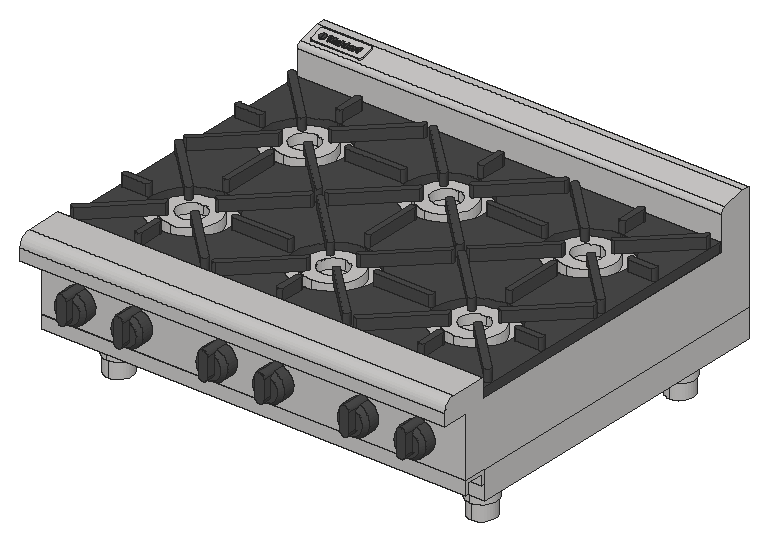
Revit family "QF_MOFFAT WALDORF_RNL8600G-B", category Specialty Equipment, Revit 2012
Parameters
  Weight in Pounds = 284.396
  URL Cutsheet = "www.moffat.com"
  URL = "www.moffat.com"
  Type Mark [instance] = ""
  Status [instance] = ""
  Specification by User [instance] = ""
  Specification by Manufacturer = ""
  Show Logo [instance] = yes
  Serial Number = ""
  Seismic Rating = ""
  SMACNA No = ""
  Revision Code [instance] = ""
  Omniclass Number and Title = ""
  NAFEM Spec ID Number = ""
  Model = "RNL8600G-B"
  Mechanical Remarks [instance] = ""
  Mechanical Connection Type [instance] = ""
  Masterspec = ""
  Manufacturer = "MOFFAT WALDORF"
  Item Number [instance] = ""
  Installed By [instance] = ""
  Identify Quantity as Lot [instance] = yes
  Gas Size = 3/4"
  Gas RI Height [instance] = 0.0 mm
  Gas KW [instance] = 46.6
  Gas Input [instance] = 159233.0 Btu/h
  Gas Connection Height = 0.0 mm
  Furnished By [instance] = ""
  Foodservice Equipment Identifier [instance] = yes
  Description = "COOK TOP LOW SPLASHBACK GAS BENCH MOUNT"
  CSI MasterFormat = ""
  CSI Master Format = ""
  Base Height [instance] = 80.0 mm
Reference planes
  plane 1 "BACK": y = 0
  plane 2: z = 0
  plane 3 "LEFT": x = 0
  plane 4 "RIGHT": x = 900
  plane 5 "FRONT": y = -805
  plane 6 "TOP": z = 370
  plane 7 "Center Y": x = 450
  plane 8 "Center X": y = -402.5
  plane 9 "Base Height": z = 80
  plane 10: x = 65.8
Forms (mm)
  Extrusion 1, solid, material "QF_Finishes_Stainless Steel"
    sketch origin (0, 0, 0) x (0, 1, 0) y (0, 0, 1)
      loop
        line (-805, 291) -> (-805, 266) -> (-749, 266) -> (-749, 140) -> (0, 140) -> (0, 370) -> (-15, 370) -> (-61.106, 357.646)
        arc (-61.106, 357.646) -> (-67.52, 353.36) -> (-70, 346.055) r 12
        line (-70, 346.055) -> (-70, 275) -> (-705, 275) -> (-705, 315) -> (-781, 315)
        arc (-781, 315) -> (-797.971, 307.971) -> (-805, 291) r 24
      loop
        line (0, 80) -> (0, 138.894) -> (-699, 138.894) -> (-699, 80) -> (0, 80)
      loop
        line (-749, 138.894) -> (-749, 111.706) -> (-742.6, 111.706) -> (-742.6, 132.494) -> (-706.4, 132.494) -> (-706.4, 111.706) -> (-700, 111.706) -> (-700, 138.894) -> (-749, 138.894)
    from 0 to 900
  Revolve 2, solid, material "QF_Finishes_Stainless Steel"
    sketch origin (835, -210, 0) x (0, 1, 0) y (0, 0, -1)
      loop
        line (78.25, -80) -> (110, -80) -> (110, 0) -> (82.5, 0) -> (82.5, -35) -> (78.25, -35) -> (78.25, -80)
      axis (110, -80) -> (110, 0)
    angle from 0 to 360
  Revolve 3, solid, material "QF_Finishes_Stainless Steel"
    sketch origin (65, -210, 0) x (0, 1, 0) y (0, 0, 1)
      loop
        line (78.25, 80) -> (78.25, 35) -> (82.5, 35) -> (82.5, 0) -> (110, 0) -> (110, 80) -> (78.25, 80)
      axis (110, 80) -> (110, 0)
    angle from 0 to 360
  Revolve 4, solid, material "QF_Finishes_Black"
    sketch origin (210, 0, 0) x (0, -1, 0) y (0, 0, 1)
      loop
        line (782, 229.605) -> (759, 229.605) -> (759, 202.105) -> (749, 202.105) -> (749, 197.105) -> (793, 197.105) -> (793, 223.757) -> (782, 229.605)
      axis (793, 197.105) -> (749, 197.105)
    angle from 0 to 360
  Extrusion 5, solid, material "QF_Finishes_Black"
    sketch origin (-78.431, 0, -103.997) x (1, 0, 0) y (0, 0, 1)
      loop
        line (298.431, 289) -> (298.431, 327.997)
        arc (298.431, 327.997) -> (288.431, 337.997) -> (278.431, 327.997) r 10
        line (278.431, 327.997) -> (278.431, 289)
        arc (278.431, 289) -> (288.431, 279) -> (298.431, 289) r 10
    from 759 to 808
  Extrusion 6, solid, material "QF_Finishes_Stainless Steel"
    sketch origin (705, 3, -500) x (1, 0, 0) y (0, 1, 0)
      loop
        circle (65, -35) r 13.5
    from 555 to 580
  Revolve 7, solid, material "QF_Finishes_Black"
    sketch origin (89.999, 0, -0.127) x (0, 1, 0) y (0, 0, -1)
      loop
        line (-782, -229.5) -> (-759, -229.5) -> (-759, -202) -> (-749, -202) -> (-749, -197) -> (-793, -197) -> (-793, -223.651) -> (-782, -229.5)
      axis (-793, -197) -> (-749, -197)
    angle from 0 to 360
  Extrusion 8, solid, material "QF_Finishes_Black"
    sketch origin (228.269, 0, 0.031) x (-1, 0, 0) y (0, 0, -1)
      loop
        arc (148.269, -184.969) -> (138.269, -174.969) -> (128.269, -184.969) r 10
        line (128.269, -184.969) -> (128.269, -223.969)
        arc (128.269, -223.969) -> (138.269, -233.969) -> (148.269, -223.969) r 10
        line (148.269, -223.969) -> (148.269, -184.969)
    from 759 to 808
  Extrusion 9, solid, material "QF_Finishes_Black"
    sketch origin (0, -77.318, 275) x (0, -1, 0) y (1, 0, 0)
      loop
        arc (-6.318, 4) -> (-5.439, 1.879) -> (-3.318, 1) r 3
        line (-3.318, 1) -> (623.682, 1)
        arc (623.682, 1) -> (625.804, 1.879) -> (626.682, 4) r 3
        line (626.682, 4) -> (626.682, 896)
        arc (626.682, 896) -> (625.804, 898.121) -> (623.682, 899) r 3
        line (623.682, 899) -> (-3.318, 899)
        arc (-3.318, 899) -> (-5.439, 898.121) -> (-6.318, 896) r 3
        line (-6.318, 896) -> (-6.318, 4)
      loop
        circle (160.182, 150) r 84.082
      loop
        circle (460.182, 150) r 84.082
      loop
        circle (460.182, 750) r 84.082
      loop
        circle (160.182, 750) r 84.082
      loop
        circle (160.182, 450) r 84.082
      loop
        circle (460.182, 450) r 84.082
    from 0 to 19.5
  Extrusion 10, solid, material "QF_Finishes_Black"
    sketch origin (0, -77.318, 294.5) x (0, -1, 0) y (1, 0, 0)
      loop
        spline (316.285, 15.153) -> (315.364, 13.924) -> (314.814, 12.47) -> (314.672, 10.89) -> (314.949, 9.292) -> (315.626, 7.786) -> (316.655, 6.473) -> (317.968, 5.443) -> (319.475, 4.767) -> (321.072, 4.49) -> (322.652, 4.631) -> (324.106, 5.181) -> (325.336, 6.102)
        line (325.336, 6.102) -> (433.259, 114.025)
        spline (433.259, 114.025) -> (434.019, 115.095) -> (434.42, 116.399) -> (434.433, 117.851) -> (434.058, 119.35) -> (433.319, 120.795) -> (432.269, 122.086) -> (430.977, 123.137) -> (429.532, 123.875) -> (428.033, 124.251) -> (426.582, 124.238) -> (425.277, 123.837) -> (424.208, 123.076)
        line (424.208, 123.076) -> (316.285, 15.153)
      loop
        spline (252.08, 156.4) -> (250.786, 156.182) -> (249.58, 155.543) -> (248.545, 154.525) -> (247.75, 153.2) -> (247.251, 151.656) -> (247.08, 150) -> (247.251, 148.344) -> (247.75, 146.8) -> (248.545, 145.475) -> (249.58, 144.457) -> (250.786, 143.818) -> (252.08, 143.6)
        line (252.08, 143.6) -> (368.284, 143.6)
        spline (368.284, 143.6) -> (369.579, 143.818) -> (370.784, 144.457) -> (371.82, 145.475) -> (372.615, 146.8) -> (373.114, 148.344) -> (373.284, 150) -> (373.114, 151.656) -> (372.615, 153.2) -> (371.82, 154.525) -> (370.784, 155.543) -> (369.579, 156.182) -> (368.284, 156.4)
        line (368.284, 156.4) -> (252.08, 156.4)
      loop
        spline (601.284, 143.6) -> (602.579, 143.818) -> (603.784, 144.457) -> (604.82, 145.475) -> (605.615, 146.8) -> (606.114, 148.344) -> (606.284, 150) -> (606.114, 151.656) -> (605.615, 153.2) -> (604.82, 154.525) -> (603.784, 155.543) -> (602.579, 156.182) -> (601.284, 156.4)
        line (601.284, 156.4) -> (552.08, 156.4)
        spline (552.08, 156.4) -> (550.786, 156.182) -> (549.58, 155.543) -> (548.545, 154.525) -> (547.75, 153.2) -> (547.251, 151.656) -> (547.08, 150) -> (547.251, 148.344) -> (547.75, 146.8) -> (548.545, 145.475) -> (549.58, 144.457) -> (550.786, 143.818) -> (552.08, 143.6)
        line (552.08, 143.6) -> (601.284, 143.6)
      loop
        line (604.08, 15.153) -> (496.157, 123.076)
        spline (496.157, 123.076) -> (495.088, 123.837) -> (493.783, 124.238) -> (492.332, 124.251) -> (490.832, 123.875) -> (489.388, 123.137) -> (488.096, 122.086) -> (487.045, 120.795) -> (486.307, 119.35) -> (485.932, 117.851) -> (485.945, 116.399) -> (486.345, 115.095) -> (487.106, 114.025)
        line (487.106, 114.025) -> (595.029, 6.102)
        spline (595.029, 6.102) -> (596.098, 5.341) -> (597.403, 4.941) -> (598.855, 4.928) -> (600.354, 5.303) -> (601.798, 6.041) -> (603.09, 7.092) -> (604.141, 8.384) -> (604.879, 9.829) -> (605.255, 11.328) -> (605.242, 12.779) -> (604.841, 14.084) -> (604.08, 15.153)
      loop
        line (466.582, 8.898) -> (466.582, 58.102)
        spline (466.582, 58.102) -> (466.364, 59.396) -> (465.725, 60.602) -> (464.708, 61.638) -> (463.382, 62.432) -> (461.839, 62.932) -> (460.182, 63.102) -> (458.526, 62.932) -> (456.982, 62.432) -> (455.657, 61.638) -> (454.64, 60.602) -> (454, 59.396) -> (453.782, 58.102)
        line (453.782, 58.102) -> (453.782, 8.898)
        spline (453.782, 8.898) -> (454, 7.604) -> (454.64, 6.398) -> (455.657, 5.362) -> (456.982, 4.568) -> (458.526, 4.068) -> (460.182, 3.898) -> (461.839, 4.068) -> (463.382, 4.568) -> (464.708, 5.362) -> (465.725, 6.398) -> (466.364, 7.604) -> (466.582, 8.898)
      loop
        spline (16.285, 15.153) -> (15.364, 13.924) -> (14.814, 12.47) -> (14.672, 10.89) -> (14.949, 9.292) -> (15.626, 7.786) -> (16.655, 6.473) -> (17.968, 5.443) -> (19.475, 4.767) -> (21.072, 4.49) -> (22.652, 4.631) -> (24.106, 5.181) -> (25.336, 6.102)
        line (25.336, 6.102) -> (133.259, 114.025)
        spline (133.259, 114.025) -> (134.019, 115.095) -> (134.42, 116.399) -> (134.433, 117.851) -> (134.058, 119.35) -> (133.319, 120.795) -> (132.269, 122.086) -> (130.977, 123.137) -> (129.532, 123.875) -> (128.033, 124.251) -> (126.582, 124.238) -> (125.277, 123.837) -> (124.208, 123.076)
        line (124.208, 123.076) -> (16.285, 15.153)
      loop
        spline (19.08, 156.4) -> (17.786, 156.182) -> (16.58, 155.543) -> (15.545, 154.525) -> (14.75, 153.2) -> (14.251, 151.656) -> (14.08, 150) -> (14.251, 148.344) -> (14.75, 146.8) -> (15.545, 145.475) -> (16.58, 144.457) -> (17.786, 143.818) -> (19.08, 143.6)
        line (19.08, 143.6) -> (68.284, 143.6)
        spline (68.284, 143.6) -> (69.579, 143.818) -> (70.784, 144.457) -> (71.82, 145.475) -> (72.615, 146.8) -> (73.114, 148.344) -> (73.284, 150) -> (73.114, 151.656) -> (72.615, 153.2) -> (71.82, 154.525) -> (70.784, 155.543) -> (69.579, 156.182) -> (68.284, 156.4)
        line (68.284, 156.4) -> (19.08, 156.4)
      loop
        line (304.08, 15.153) -> (196.157, 123.076)
        spline (196.157, 123.076) -> (195.088, 123.837) -> (193.783, 124.238) -> (192.332, 124.251) -> (190.832, 123.875) -> (189.388, 123.137) -> (188.096, 122.086) -> (187.045, 120.795) -> (186.307, 119.35) -> (185.932, 117.851) -> (185.945, 116.399) -> (186.345, 115.095) -> (187.106, 114.025)
        line (187.106, 114.025) -> (295.029, 6.102)
        spline (295.029, 6.102) -> (296.098, 5.341) -> (297.403, 4.941) -> (298.855, 4.928) -> (300.354, 5.303) -> (301.798, 6.041) -> (303.09, 7.092) -> (304.141, 8.384) -> (304.879, 9.829) -> (305.255, 11.328) -> (305.242, 12.779) -> (304.841, 14.084) -> (304.08, 15.153)
      loop
        line (166.582, 8.898) -> (166.582, 58.102)
        spline (166.582, 58.102) -> (166.364, 59.396) -> (165.725, 60.602) -> (164.708, 61.638) -> (163.382, 62.432) -> (161.839, 62.932) -> (160.182, 63.102) -> (158.526, 62.932) -> (156.982, 62.432) -> (155.657, 61.638) -> (154.64, 60.602) -> (154, 59.396) -> (153.782, 58.102)
        line (153.782, 58.102) -> (153.782, 8.898)
        spline (153.782, 8.898) -> (154, 7.604) -> (154.64, 6.398) -> (155.657, 5.362) -> (156.982, 4.568) -> (158.526, 4.068) -> (160.182, 3.898) -> (161.839, 4.068) -> (163.382, 4.568) -> (164.708, 5.362) -> (165.725, 6.398) -> (166.364, 7.604) -> (166.582, 8.898)
      loop
        line (316.285, 284.847) -> (424.208, 176.924)
        spline (424.208, 176.924) -> (425.277, 176.163) -> (426.582, 175.762) -> (428.033, 175.749) -> (429.532, 176.125) -> (430.977, 176.863) -> (432.269, 177.914) -> (433.319, 179.205) -> (434.058, 180.65) -> (434.433, 182.149) -> (434.42, 183.601) -> (434.019, 184.905) -> (433.259, 185.975)
        line (433.259, 185.975) -> (325.336, 293.898)
        spline (325.336, 293.898) -> (324.106, 294.819) -> (322.652, 295.369) -> (321.072, 295.51) -> (319.475, 295.233) -> (317.968, 294.557) -> (316.655, 293.527) -> (315.626, 292.214) -> (314.949, 290.708) -> (314.672, 289.11) -> (314.814, 287.53) -> (315.364, 286.076) -> (316.285, 284.847)
      loop
        spline (604.08, 284.847) -> (604.841, 285.916) -> (605.242, 287.221) -> (605.255, 288.672) -> (604.879, 290.171) -> (604.141, 291.616) -> (603.09, 292.908) -> (601.798, 293.959) -> (600.354, 294.697) -> (598.855, 295.072) -> (597.403, 295.059) -> (596.098, 294.659) -> (595.029, 293.898)
        line (595.029, 293.898) -> (487.106, 185.975)
        spline (487.106, 185.975) -> (486.345, 184.905) -> (485.945, 183.601) -> (485.932, 182.149) -> (486.307, 180.65) -> (487.045, 179.205) -> (488.096, 177.914) -> (489.388, 176.863) -> (490.832, 176.125) -> (492.332, 175.749) -> (493.783, 175.762) -> (495.088, 176.163) -> (496.157, 176.924)
        line (496.157, 176.924) -> (604.08, 284.847)
      loop
        spline (453.782, 241.898) -> (454, 240.604) -> (454.64, 239.398) -> (455.657, 238.362) -> (456.982, 237.568) -> (458.526, 237.068) -> (460.182, 236.898) -> (461.839, 237.068) -> (463.382, 237.568) -> (464.708, 238.362) -> (465.725, 239.398) -> (466.364, 240.604) -> (466.582, 241.898)
        line (466.582, 241.898) -> (466.582, 358.102)
        spline (466.582, 358.102) -> (466.364, 359.396) -> (465.725, 360.602) -> (464.708, 361.638) -> (463.382, 362.432) -> (461.839, 362.932) -> (460.182, 363.102) -> (458.526, 362.932) -> (456.982, 362.432) -> (455.657, 361.638) -> (454.64, 360.602) -> (454, 359.396) -> (453.782, 358.102)
        line (453.782, 358.102) -> (453.782, 241.898)
      loop
        line (16.285, 284.847) -> (124.208, 176.924)
        spline (124.208, 176.924) -> (125.277, 176.163) -> (126.582, 175.762) -> (128.033, 175.749) -> (129.532, 176.125) -> (130.977, 176.863) -> (132.269, 177.914) -> (133.319, 179.205) -> (134.058, 180.65) -> (134.433, 182.149) -> (134.42, 183.601) -> (134.019, 184.905) -> (133.259, 185.975)
        line (133.259, 185.975) -> (25.336, 293.898)
        spline (25.336, 293.898) -> (24.106, 294.819) -> (22.652, 295.369) -> (21.072, 295.51) -> (19.475, 295.233) -> (17.968, 294.557) -> (16.655, 293.527) -> (15.626, 292.214) -> (14.949, 290.708) -> (14.672, 289.11) -> (14.814, 287.53) -> (15.364, 286.076) -> (16.285, 284.847)
      loop
        spline (304.08, 284.847) -> (304.841, 285.916) -> (305.242, 287.221) -> (305.255, 288.672) -> (304.879, 290.171) -> (304.141, 291.616) -> (303.09, 292.908) -> (301.798, 293.959) -> (300.354, 294.697) -> (298.855, 295.072) -> (297.403, 295.059) -> (296.098, 294.659) -> (295.029, 293.898)
        line (295.029, 293.898) -> (187.106, 185.975)
        spline (187.106, 185.975) -> (186.345, 184.905) -> (185.945, 183.601) -> (185.932, 182.149) -> (186.307, 180.65) -> (187.045, 179.205) -> (188.096, 177.914) -> (189.388, 176.863) -> (190.832, 176.125) -> (192.332, 175.749) -> (193.783, 175.762) -> (195.088, 176.163) -> (196.157, 176.924)
        line (196.157, 176.924) -> (304.08, 284.847)
      loop
        spline (166.582, 358.102) -> (166.364, 359.396) -> (165.725, 360.602) -> (164.708, 361.638) -> (163.382, 362.432) -> (161.839, 362.932) -> (160.182, 363.102) -> (158.526, 362.932) -> (156.982, 362.432) -> (155.657, 361.638) -> (154.64, 360.602) -> (154, 359.396) -> (153.782, 358.102)
        line (153.782, 358.102) -> (153.782, 241.898)
        spline (153.782, 241.898) -> (154, 240.604) -> (154.64, 239.398) -> (155.657, 238.362) -> (156.982, 237.568) -> (158.526, 237.068) -> (160.182, 236.898) -> (161.839, 237.068) -> (163.382, 237.568) -> (164.708, 238.362) -> (165.725, 239.398) -> (166.364, 240.604) -> (166.582, 241.898)
        line (166.582, 241.898) -> (166.582, 358.102)
      loop
        spline (316.285, 315.153) -> (315.364, 313.924) -> (314.814, 312.47) -> (314.672, 310.89) -> (314.949, 309.292) -> (315.626, 307.786) -> (316.655, 306.473) -> (317.968, 305.443) -> (319.475, 304.767) -> (321.072, 304.49) -> (322.652, 304.631) -> (324.106, 305.181) -> (325.336, 306.102)
        line (325.336, 306.102) -> (433.259, 414.025)
        spline (433.259, 414.025) -> (434.019, 415.095) -> (434.42, 416.399) -> (434.433, 417.851) -> (434.058, 419.35) -> (433.319, 420.795) -> (432.269, 422.086) -> (430.977, 423.137) -> (429.532, 423.875) -> (428.033, 424.251) -> (426.582, 424.238) -> (425.277, 423.837) -> (424.208, 423.076)
        line (424.208, 423.076) -> (316.285, 315.153)
      loop
        spline (252.08, 456.4) -> (250.786, 456.182) -> (249.58, 455.543) -> (248.545, 454.525) -> (247.75, 453.2) -> (247.251, 451.656) -> (247.08, 450) -> (247.251, 448.344) -> (247.75, 446.8) -> (248.545, 445.475) -> (249.58, 444.457) -> (250.786, 443.818) -> (252.08, 443.6)
        line (252.08, 443.6) -> (368.284, 443.6)
        spline (368.284, 443.6) -> (369.579, 443.818) -> (370.784, 444.457) -> (371.82, 445.475) -> (372.615, 446.8) -> (373.114, 448.344) -> (373.284, 450) -> (373.114, 451.656) -> (372.615, 453.2) -> (371.82, 454.525) -> (370.784, 455.543) -> (369.579, 456.182) -> (368.284, 456.4)
        line (368.284, 456.4) -> (252.08, 456.4)
      loop
        spline (601.284, 443.6) -> (602.579, 443.818) -> (603.784, 444.457) -> (604.82, 445.475) -> (605.615, 446.8) -> (606.114, 448.344) -> (606.284, 450) -> (606.114, 451.656) -> (605.615, 453.2) -> (604.82, 454.525) -> (603.784, 455.543) -> (602.579, 456.182) -> (601.284, 456.4)
        line (601.284, 456.4) -> (552.08, 456.4)
        spline (552.08, 456.4) -> (550.786, 456.182) -> (549.58, 455.543) -> (548.545, 454.525) -> (547.75, 453.2) -> (547.251, 451.656) -> (547.08, 450) -> (547.251, 448.344) -> (547.75, 446.8) -> (548.545, 445.475) -> (549.58, 444.457) -> (550.786, 443.818) -> (552.08, 443.6)
        line (552.08, 443.6) -> (601.284, 443.6)
      loop
        line (604.08, 315.153) -> (496.157, 423.076)
        spline (496.157, 423.076) -> (495.088, 423.837) -> (493.783, 424.238) -> (492.332, 424.251) -> (490.832, 423.875) -> (489.388, 423.137) -> (488.096, 422.086) -> (487.045, 420.795) -> (486.307, 419.35) -> (485.932, 417.851) -> (485.945, 416.399) -> (486.345, 415.095) -> (487.106, 414.025)
        line (487.106, 414.025) -> (595.029, 306.102)
        spline (595.029, 306.102) -> (596.098, 305.341) -> (597.403, 304.941) -> (598.855, 304.928) -> (600.354, 305.303) -> (601.798, 306.041) -> (603.09, 307.092) -> (604.141, 308.384) -> (604.879, 309.829) -> (605.255, 311.328) -> (605.242, 312.779) -> (604.841, 314.084) -> (604.08, 315.153)
      loop
        spline (16.285, 315.153) -> (15.364, 313.924) -> (14.814, 312.47) -> (14.672, 310.89) -> (14.949, 309.292) -> (15.626, 307.786) -> (16.655, 306.473) -> (17.968, 305.443) -> (19.475, 304.767) -> (21.072, 304.49) -> (22.652, 304.631) -> (24.106, 305.181) -> (25.336, 306.102)
        line (25.336, 306.102) -> (133.259, 414.025)
        spline (133.259, 414.025) -> (134.019, 415.095) -> (134.42, 416.399) -> (134.433, 417.851) -> (134.058, 419.35) -> (133.319, 420.795) -> (132.269, 422.086) -> (130.977, 423.137) -> (129.532, 423.875) -> (128.033, 424.251) -> (126.582, 424.238) -> (125.277, 423.837) -> (124.208, 423.076)
        line (124.208, 423.076) -> (16.285, 315.153)
      loop
        spline (19.08, 456.4) -> (17.786, 456.182) -> (16.58, 455.543) -> (15.545, 454.525) -> (14.75, 453.2) -> (14.251, 451.656) -> (14.08, 450) -> (14.251, 448.344) -> (14.75, 446.8) -> (15.545, 445.475) -> (16.58, 444.457) -> (17.786, 443.818) -> (19.08, 443.6)
        line (19.08, 443.6) -> (68.284, 443.6)
        spline (68.284, 443.6) -> (69.579, 443.818) -> (70.784, 444.457) -> (71.82, 445.475) -> (72.615, 446.8) -> (73.114, 448.344) -> (73.284, 450) -> (73.114, 451.656) -> (72.615, 453.2) -> (71.82, 454.525) -> (70.784, 455.543) -> (69.579, 456.182) -> (68.284, 456.4)
        line (68.284, 456.4) -> (19.08, 456.4)
      loop
        line (304.08, 315.153) -> (196.157, 423.076)
        spline (196.157, 423.076) -> (195.088, 423.837) -> (193.783, 424.238) -> (192.332, 424.251) -> (190.832, 423.875) -> (189.388, 423.137) -> (188.096, 422.086) -> (187.045, 420.795) -> (186.307, 419.35) -> (185.932, 417.851) -> (185.945, 416.399) -> (186.345, 415.095) -> (187.106, 414.025)
        line (187.106, 414.025) -> (295.029, 306.102)
        spline (295.029, 306.102) -> (296.098, 305.341) -> (297.403, 304.941) -> (298.855, 304.928) -> (300.354, 305.303) -> (301.798, 306.041) -> (303.09, 307.092) -> (304.141, 308.384) -> (304.879, 309.829) -> (305.255, 311.328) -> (305.242, 312.779) -> (304.841, 314.084) -> (304.08, 315.153)
      loop
        line (316.285, 584.847) -> (424.208, 476.924)
        spline (424.208, 476.924) -> (425.277, 476.163) -> (426.582, 475.762) -> (428.033, 475.749) -> (429.532, 476.125) -> (430.977, 476.863) -> (432.269, 477.914) -> (433.319, 479.205) -> (434.058, 480.65) -> (434.433, 482.149) -> (434.42, 483.601) -> (434.019, 484.905) -> (433.259, 485.975)
        line (433.259, 485.975) -> (325.336, 593.898)
        spline (325.336, 593.898) -> (324.106, 594.819) -> (322.652, 595.369) -> (321.072, 595.51) -> (319.475, 595.233) -> (317.968, 594.557) -> (316.655, 593.527) -> (315.626, 592.214) -> (314.949, 590.708) -> (314.672, 589.11) -> (314.814, 587.53) -> (315.364, 586.076) -> (316.285, 584.847)
      loop
        spline (604.08, 584.847) -> (604.841, 585.916) -> (605.242, 587.221) -> (605.255, 588.672) -> (604.879, 590.171) -> (604.141, 591.616) -> (603.09, 592.908) -> (601.798, 593.959) -> (600.354, 594.697) -> (598.855, 595.072) -> (597.403, 595.059) -> (596.098, 594.659) -> (595.029, 593.898)
        line (595.029, 593.898) -> (487.106, 485.975)
        spline (487.106, 485.975) -> (486.345, 484.905) -> (485.945, 483.601) -> (485.932, 482.149) -> (486.307, 480.65) -> (487.045, 479.205) -> (488.096, 477.914) -> (489.388, 476.863) -> (490.832, 476.125) -> (492.332, 475.749) -> (493.783, 475.762) -> (495.088, 476.163) -> (496.157, 476.924)
        line (496.157, 476.924) -> (604.08, 584.847)
      loop
        spline (466.582, 658.102) -> (466.364, 659.396) -> (465.725, 660.602) -> (464.708, 661.638) -> (463.382, 662.432) -> (461.839, 662.932) -> (460.182, 663.102) -> (458.526, 662.932) -> (456.982, 662.432) -> (455.657, 661.638) -> (454.64, 660.602) -> (454, 659.396) -> (453.782, 658.102)
        line (453.782, 658.102) -> (453.782, 541.898)
        spline (453.782, 541.898) -> (454, 540.604) -> (454.64, 539.398) -> (455.657, 538.362) -> (456.982, 537.568) -> (458.526, 537.068) -> (460.182, 536.898) -> (461.839, 537.068) -> (463.382, 537.568) -> (464.708, 538.362) -> (465.725, 539.398) -> (466.364, 540.604) -> (466.582, 541.898)
        line (466.582, 541.898) -> (466.582, 658.102)
      loop
        line (16.285, 584.847) -> (124.208, 476.924)
        spline (124.208, 476.924) -> (125.277, 476.163) -> (126.582, 475.762) -> (128.033, 475.749) -> (129.532, 476.125) -> (130.977, 476.863) -> (132.269, 477.914) -> (133.319, 479.205) -> (134.058, 480.65) -> (134.433, 482.149) -> (134.42, 483.601) -> (134.019, 484.905) -> (133.259, 485.975)
        line (133.259, 485.975) -> (25.336, 593.898)
        spline (25.336, 593.898) -> (24.106, 594.819) -> (22.652, 595.369) -> (21.072, 595.51) -> (19.475, 595.233) -> (17.968, 594.557) -> (16.655, 593.527) -> (15.626, 592.214) -> (14.949, 590.708) -> (14.672, 589.11) -> (14.814, 587.53) -> (15.364, 586.076) -> (16.285, 584.847)
      loop
        spline (304.08, 584.847) -> (304.841, 585.916) -> (305.242, 587.221) -> (305.255, 588.672) -> (304.879, 590.171) -> (304.141, 591.616) -> (303.09, 592.908) -> (301.798, 593.959) -> (300.354, 594.697) -> (298.855, 595.072) -> (297.403, 595.059) -> (296.098, 594.659) -> (295.029, 593.898)
        line (295.029, 593.898) -> (187.106, 485.975)
        spline (187.106, 485.975) -> (186.345, 484.905) -> (185.945, 483.601) -> (185.932, 482.149) -> (186.307, 480.65) -> (187.045, 479.205) -> (188.096, 477.914) -> (189.388, 476.863) -> (190.832, 476.125) -> (192.332, 475.749) -> (193.783, 475.762) -> (195.088, 476.163) -> (196.157, 476.924)
        line (196.157, 476.924) -> (304.08, 584.847)
      loop
        spline (166.582, 658.102) -> (166.364, 659.396) -> (165.725, 660.602) -> (164.708, 661.638) -> (163.382, 662.432) -> (161.839, 662.932) -> (160.182, 663.102) -> (158.526, 662.932) -> (156.982, 662.432) -> (155.657, 661.638) -> (154.64, 660.602) -> (154, 659.396) -> (153.782, 658.102)
        line (153.782, 658.102) -> (153.782, 541.898)
        spline (153.782, 541.898) -> (154, 540.604) -> (154.64, 539.398) -> (155.657, 538.362) -> (156.982, 537.568) -> (158.526, 537.068) -> (160.182, 536.898) -> (161.839, 537.068) -> (163.382, 537.568) -> (164.708, 538.362) -> (165.725, 539.398) -> (166.364, 540.604) -> (166.582, 541.898)
        line (166.582, 541.898) -> (166.582, 658.102)
      loop
        spline (316.285, 615.153) -> (315.364, 613.924) -> (314.814, 612.47) -> (314.672, 610.89) -> (314.949, 609.292) -> (315.626, 607.786) -> (316.655, 606.473) -> (317.968, 605.443) -> (319.475, 604.767) -> (321.072, 604.49) -> (322.652, 604.631) -> (324.106, 605.181) -> (325.336, 606.102)
        line (325.336, 606.102) -> (433.259, 714.025)
        spline (433.259, 714.025) -> (434.019, 715.095) -> (434.42, 716.399) -> (434.433, 717.851) -> (434.058, 719.35) -> (433.319, 720.795) -> (432.269, 722.086) -> (430.977, 723.137) -> (429.532, 723.875) -> (428.033, 724.251) -> (426.582, 724.238) -> (425.277, 723.837) -> (424.208, 723.076)
        line (424.208, 723.076) -> (316.285, 615.153)
      loop
        spline (252.08, 756.4) -> (250.786, 756.182) -> (249.58, 755.543) -> (248.545, 754.525) -> (247.75, 753.2) -> (247.251, 751.656) -> (247.08, 750) -> (247.251, 748.344) -> (247.75, 746.8) -> (248.545, 745.475) -> (249.58, 744.457) -> (250.786, 743.818) -> (252.08, 743.6)
        line (252.08, 743.6) -> (368.284, 743.6)
        spline (368.284, 743.6) -> (369.579, 743.818) -> (370.784, 744.457) -> (371.82, 745.475) -> (372.615, 746.8) -> (373.114, 748.344) -> (373.284, 750) -> (373.114, 751.656) -> (372.615, 753.2) -> (371.82, 754.525) -> (370.784, 755.543) -> (369.579, 756.182) -> (368.284, 756.4)
        line (368.284, 756.4) -> (252.08, 756.4)
      loop
        spline (601.284, 743.6) -> (602.579, 743.818) -> (603.784, 744.457) -> (604.82, 745.475) -> (605.615, 746.8) -> (606.114, 748.344) -> (606.284, 750) -> (606.114, 751.656) -> (605.615, 753.2) -> (604.82, 754.525) -> (603.784, 755.543) -> (602.579, 756.182) -> (601.284, 756.4)
        line (601.284, 756.4) -> (552.08, 756.4)
        spline (552.08, 756.4) -> (550.786, 756.182) -> (549.58, 755.543) -> (548.545, 754.525) -> (547.75, 753.2) -> (547.251, 751.656) -> (547.08, 750) -> (547.251, 748.344) -> (547.75, 746.8) -> (548.545, 745.475) -> (549.58, 744.457) -> (550.786, 743.818) -> (552.08, 743.6)
        line (552.08, 743.6) -> (601.284, 743.6)
      loop
        line (604.08, 615.153) -> (496.157, 723.076)
        spline (496.157, 723.076) -> (495.088, 723.837) -> (493.783, 724.238) -> (492.332, 724.251) -> (490.832, 723.875) -> (489.388, 723.137) -> (488.096, 722.086) -> (487.045, 720.795) -> (486.307, 719.35) -> (485.932, 717.851) -> (485.945, 716.399) -> (486.345, 715.095) -> (487.106, 714.025)
        line (487.106, 714.025) -> (595.029, 606.102)
        spline (595.029, 606.102) -> (596.098, 605.341) -> (597.403, 604.941) -> (598.855, 604.928) -> (600.354, 605.303) -> (601.798, 606.041) -> (603.09, 607.092) -> (604.141, 608.384) -> (604.879, 609.829) -> (605.255, 611.328) -> (605.242, 612.779) -> (604.841, 614.084) -> (604.08, 615.153)
      loop
        spline (16.285, 615.153) -> (15.364, 613.924) -> (14.814, 612.47) -> (14.672, 610.89) -> (14.949, 609.292) -> (15.626, 607.786) -> (16.655, 606.473) -> (17.968, 605.443) -> (19.475, 604.767) -> (21.072, 604.49) -> (22.652, 604.631) -> (24.106, 605.181) -> (25.336, 606.102)
        line (25.336, 606.102) -> (133.259, 714.025)
        spline (133.259, 714.025) -> (134.019, 715.095) -> (134.42, 716.399) -> (134.433, 717.851) -> (134.058, 719.35) -> (133.319, 720.795) -> (132.269, 722.086) -> (130.977, 723.137) -> (129.532, 723.875) -> (128.033, 724.251) -> (126.582, 724.238) -> (125.277, 723.837) -> (124.208, 723.076)
        line (124.208, 723.076) -> (16.285, 615.153)
      loop
        spline (19.08, 756.4) -> (17.786, 756.182) -> (16.58, 755.543) -> (15.545, 754.525) -> (14.75, 753.2) -> (14.251, 751.656) -> (14.08, 750) -> (14.251, 748.344) -> (14.75, 746.8) -> (15.545, 745.475) -> (16.58, 744.457) -> (17.786, 743.818) -> (19.08, 743.6)
        line (19.08, 743.6) -> (68.284, 743.6)
        spline (68.284, 743.6) -> (69.579, 743.818) -> (70.784, 744.457) -> (71.82, 745.475) -> (72.615, 746.8) -> (73.114, 748.344) -> (73.284, 750) -> (73.114, 751.656) -> (72.615, 753.2) -> (71.82, 754.525) -> (70.784, 755.543) -> (69.579, 756.182) -> (68.284, 756.4)
        line (68.284, 756.4) -> (19.08, 756.4)
      loop
        line (304.08, 615.153) -> (196.157, 723.076)
        spline (196.157, 723.076) -> (195.088, 723.837) -> (193.783, 724.238) -> (192.332, 724.251) -> (190.832, 723.875) -> (189.388, 723.137) -> (188.096, 722.086) -> (187.045, 720.795) -> (186.307, 719.35) -> (185.932, 717.851) -> (185.945, 716.399) -> (186.345, 715.095) -> (187.106, 714.025)
        line (187.106, 714.025) -> (295.029, 606.102)
        spline (295.029, 606.102) -> (296.098, 605.341) -> (297.403, 604.941) -> (298.855, 604.928) -> (300.354, 605.303) -> (301.798, 606.041) -> (303.09, 607.092) -> (304.141, 608.384) -> (304.879, 609.829) -> (305.255, 611.328) -> (305.242, 612.779) -> (304.841, 614.084) -> (304.08, 615.153)
      loop
        line (316.285, 884.847) -> (424.208, 776.924)
        spline (424.208, 776.924) -> (425.277, 776.163) -> (426.582, 775.762) -> (428.033, 775.749) -> (429.532, 776.125) -> (430.977, 776.863) -> (432.269, 777.914) -> (433.319, 779.205) -> (434.058, 780.65) -> (434.433, 782.149) -> (434.42, 783.601) -> (434.019, 784.905) -> (433.259, 785.975)
        line (433.259, 785.975) -> (325.336, 893.898)
        spline (325.336, 893.898) -> (324.106, 894.819) -> (322.652, 895.369) -> (321.072, 895.51) -> (319.475, 895.233) -> (317.968, 894.557) -> (316.655, 893.527) -> (315.626, 892.214) -> (314.949, 890.708) -> (314.672, 889.11) -> (314.814, 887.53) -> (315.364, 886.076) -> (316.285, 884.847)
      loop
        spline (604.08, 884.847) -> (604.841, 885.916) -> (605.242, 887.221) -> (605.255, 888.672) -> (604.879, 890.171) -> (604.141, 891.616) -> (603.09, 892.908) -> (601.798, 893.959) -> (600.354, 894.697) -> (598.855, 895.072) -> (597.403, 895.059) -> (596.098, 894.659) -> (595.029, 893.898)
        line (595.029, 893.898) -> (487.106, 785.975)
        spline (487.106, 785.975) -> (486.345, 784.905) -> (485.945, 783.601) -> (485.932, 782.149) -> (486.307, 780.65) -> (487.045, 779.205) -> (488.096, 777.914) -> (489.388, 776.863) -> (490.832, 776.125) -> (492.332, 775.749) -> (493.783, 775.762) -> (495.088, 776.163) -> (496.157, 776.924)
        line (496.157, 776.924) -> (604.08, 884.847)
      loop
        spline (466.582, 891.102) -> (466.364, 892.396) -> (465.725, 893.602) -> (464.708, 894.638) -> (463.382, 895.432) -> (461.839, 895.932) -> (460.182, 896.102) -> (458.526, 895.932) -> (456.982, 895.432) -> (455.657, 894.638) -> (454.64, 893.602) -> (454, 892.396) -> (453.782, 891.102)
        line (453.782, 891.102) -> (453.782, 841.898)
        spline (453.782, 841.898) -> (454, 840.604) -> (454.64, 839.398) -> (455.657, 838.362) -> (456.982, 837.568) -> (458.526, 837.068) -> (460.182, 836.898) -> (461.839, 837.068) -> (463.382, 837.568) -> (464.708, 838.362) -> (465.725, 839.398) -> (466.364, 840.604) -> (466.582, 841.898)
        line (466.582, 841.898) -> (466.582, 891.102)
      loop
        line (16.285, 884.847) -> (124.208, 776.924)
        spline (124.208, 776.924) -> (125.277, 776.163) -> (126.582, 775.762) -> (128.033, 775.749) -> (129.532, 776.125) -> (130.977, 776.863) -> (132.269, 777.914) -> (133.319, 779.205) -> (134.058, 780.65) -> (134.433, 782.149) -> (134.42, 783.601) -> (134.019, 784.905) -> (133.259, 785.975)
        line (133.259, 785.975) -> (25.336, 893.898)
        spline (25.336, 893.898) -> (24.106, 894.819) -> (22.652, 895.369) -> (21.072, 895.51) -> (19.475, 895.233) -> (17.968, 894.557) -> (16.655, 893.527) -> (15.626, 892.214) -> (14.949, 890.708) -> (14.672, 889.11) -> (14.814, 887.53) -> (15.364, 886.076) -> (16.285, 884.847)
      loop
        spline (304.08, 884.847) -> (304.841, 885.916) -> (305.242, 887.221) -> (305.255, 888.672) -> (304.879, 890.171) -> (304.141, 891.616) -> (303.09, 892.908) -> (301.798, 893.959) -> (300.354, 894.697) -> (298.855, 895.072) -> (297.403, 895.059) -> (296.098, 894.659) -> (295.029, 893.898)
        line (295.029, 893.898) -> (187.106, 785.975)
        spline (187.106, 785.975) -> (186.345, 784.905) -> (185.945, 783.601) -> (185.932, 782.149) -> (186.307, 780.65) -> (187.045, 779.205) -> (188.096, 777.914) -> (189.388, 776.863) -> (190.832, 776.125) -> (192.332, 775.749) -> (193.783, 775.762) -> (195.088, 776.163) -> (196.157, 776.924)
        line (196.157, 776.924) -> (304.08, 884.847)
      loop
        spline (166.582, 891.102) -> (166.364, 892.396) -> (165.725, 893.602) -> (164.708, 894.638) -> (163.382, 895.432) -> (161.839, 895.932) -> (160.182, 896.102) -> (158.526, 895.932) -> (156.982, 895.432) -> (155.657, 894.638) -> (154.64, 893.602) -> (154, 892.396) -> (153.782, 891.102)
        line (153.782, 891.102) -> (153.782, 841.898)
        spline (153.782, 841.898) -> (154, 840.604) -> (154.64, 839.398) -> (155.657, 838.362) -> (156.982, 837.568) -> (158.526, 837.068) -> (160.182, 836.898) -> (161.839, 837.068) -> (163.382, 837.568) -> (164.708, 838.362) -> (165.725, 839.398) -> (166.364, 840.604) -> (166.582, 841.898)
        line (166.582, 841.898) -> (166.582, 891.102)
    from 0 to 23.5
  Revolve 11, solid, material "QF_Finishes_Black"
    sketch origin (510, 0, 0) x (0, -1, 0) y (0, 0, 1)
      loop
        line (782, 229.605) -> (759, 229.605) -> (759, 202.105) -> (749, 202.105) -> (749, 197.105) -> (793, 197.105) -> (793, 223.757) -> (782, 229.605)
      axis (793, 197.105) -> (749, 197.105)
    angle from 0 to 360
  Extrusion 12, solid, material "QF_Finishes_Black"
    sketch origin (371.569, 0, -103.997) x (1, 0, 0) y (0, 0, 1)
      loop
        line (148.431, 289) -> (148.431, 327.997)
        arc (148.431, 327.997) -> (138.431, 337.997) -> (128.431, 327.997) r 10
        line (128.431, 327.997) -> (128.431, 289)
        arc (128.431, 289) -> (138.431, 279) -> (148.431, 289) r 10
    from 759 to 808
  Revolve 13, solid, material "QF_Finishes_Black"
    sketch origin (389.999, 0, -0.127) x (0, 1, 0) y (0, 0, -1)
      loop
        line (-782, -229.5) -> (-759, -229.5) -> (-759, -202) -> (-749, -202) -> (-749, -197) -> (-793, -197) -> (-793, -223.651) -> (-782, -229.5)
      axis (-793, -197) -> (-749, -197)
    angle from 0 to 360
  Extrusion 14, solid, material "QF_Finishes_Black"
    sketch origin (378.269, 0, 0.031) x (-1, 0, 0) y (0, 0, -1)
      loop
        arc (-1.731, -184.969) -> (-11.731, -174.969) -> (-21.731, -184.969) r 10
        line (-21.731, -184.969) -> (-21.731, -223.969)
        arc (-21.731, -223.969) -> (-11.731, -233.969) -> (-1.731, -223.969) r 10
        line (-1.731, -223.969) -> (-1.731, -184.969)
    from 759 to 808
  Revolve 15, solid, material "QF_Finishes_Black"
    sketch origin (810, 0, 0) x (0, -1, 0) y (0, 0, 1)
      loop
        line (782, 229.605) -> (759, 229.605) -> (759, 202.105) -> (749, 202.105) -> (749, 197.105) -> (793, 197.105) -> (793, 223.757) -> (782, 229.605)
      axis (793, 197.105) -> (749, 197.105)
    angle from 0 to 360
  Extrusion 16, solid, material "QF_Finishes_Black"
    sketch origin (671.569, 0, -103.997) x (1, 0, 0) y (0, 0, 1)
      loop
        line (148.431, 289) -> (148.431, 327.997)
        arc (148.431, 327.997) -> (138.431, 337.997) -> (128.431, 327.997) r 10
        line (128.431, 327.997) -> (128.431, 289)
        arc (128.431, 289) -> (138.431, 279) -> (148.431, 289) r 10
    from 759 to 808
  Revolve 17, solid, material "QF_Finishes_Black"
    sketch origin (689.999, 0, -0.127) x (0, 1, 0) y (0, 0, -1)
      loop
        line (-782, -229.5) -> (-759, -229.5) -> (-759, -202) -> (-749, -202) -> (-749, -197) -> (-793, -197) -> (-793, -223.651) -> (-782, -229.5)
      axis (-793, -197) -> (-749, -197)
    angle from 0 to 360
  Extrusion 18, solid, material "QF_Finishes_Black"
    sketch origin (678.269, 0, 0.031) x (-1, 0, 0) y (0, 0, -1)
      loop
        arc (-1.731, -184.969) -> (-11.731, -174.969) -> (-21.731, -184.969) r 10
        line (-21.731, -184.969) -> (-21.731, -223.969)
        arc (-21.731, -223.969) -> (-11.731, -233.969) -> (-1.731, -223.969) r 10
        line (-1.731, -223.969) -> (-1.731, -184.969)
    from 759 to 808
  Revolve 19, solid, material "QF_Finishes_Stainless Steel"
    sketch origin (835, -735, 0) x (0, 1, 0) y (0, 0, -1)
      loop
        line (78.25, -80) -> (110, -80) -> (110, 0) -> (82.5, 0) -> (82.5, -35) -> (78.25, -35) -> (78.25, -80)
      axis (110, -80) -> (110, 0)
    angle from 0 to 360
  Revolve 20, solid, material "QF_Finishes_Stainless Steel"
    sketch origin (65, -735, 0) x (0, 1, 0) y (0, 0, 1)
      loop
        line (78.25, 80) -> (78.25, 35) -> (82.5, 35) -> (82.5, 0) -> (110, 0) -> (110, 80) -> (78.25, 80)
      axis (110, 80) -> (110, 0)
    angle from 0 to 360
  Extrusion 21, solid, material "QF_Finishes_Stainless Steel"
    sketch origin (0, -77.318, 275) x (0, -1, 0) y (1, 0, 0)
      loop
        circle (160.182, 150) r 57
      loop
        circle (460.182, 150) r 57
      loop
        circle (160.182, 450) r 57
      loop
        circle (460.182, 450) r 57
      loop
        circle (160.182, 750) r 57
      loop
        circle (460.182, 750) r 57
      loop
        circle (160.182, 150) r 30
      loop
        circle (160.182, 450) r 30
      loop
        circle (160.182, 750) r 30
      loop
        circle (460.182, 750) r 30
      loop
        circle (460.182, 450) r 30
      loop
        circle (460.182, 150) r 30
    from 0 to 20
Cuts and joins
  joined: Revolve 7, Extrusion 8
  joined: Revolve 4, Extrusion 5
  joined: Revolve 13, Extrusion 14
  joined: Revolve 11, Extrusion 12
Lines and regions (mm)
  Split face 1
    outline origin (48.976, -19.972, 368.668) x (0, -0.965926, -0.258819) y (1, 0, 0)
      loop
        line (0.03, 105.5) -> (33.432, 105.5) -> (33.432, 125.5) -> (0.03, 125.5) -> (0.03, 105.5)
  Split face 2
    outline origin (83.904, -19.972, 368.668) x (0, -0.965926, -0.258819) y (1, 0, 0)
      loop
        line (0.03, 105.5) -> (33.432, 105.5) -> (33.432, 125.5) -> (0.03, 125.5) -> (0.03, 105.5)
  Split face 3
    outline origin (118.929, -19.972, 368.668) x (0, -0.965926, -0.258819) y (1, 0, 0)
      loop
        line (0.03, 105.5) -> (33.432, 105.5) -> (33.432, 125.5) -> (0.03, 125.5) -> (0.03, 105.5)
  Split face 4
    outline origin (70.155, -19.972, 368.668) x (0, -0.965926, -0.258819) y (1, 0, 0)
      loop
        line (0.03, 405.5) -> (33.432, 405.5) -> (33.432, 425.5) -> (0.03, 425.5) -> (0.03, 405.5)
  Split face 5
    outline origin (105.346, -19.972, 368.668) x (0, -0.965926, -0.258819) y (1, 0, 0)
      loop
        line (0.03, 405.5) -> (33.432, 405.5) -> (33.432, 425.5) -> (0.03, 425.5) -> (0.03, 405.5)
  Split face 6
    outline origin (140.069, -19.972, 368.668) x (0, -0.965926, -0.258819) y (1, 0, 0)
      loop
        line (0.03, 405.5) -> (33.432, 405.5) -> (33.432, 425.5) -> (0.03, 425.5) -> (0.03, 405.5)
  Split face 7
    outline origin (157.535, -19.972, 368.668) x (0, -0.965926, -0.258819) y (1, 0, 0)
      loop
        line (0.03, 105.5) -> (33.432, 105.5) -> (33.432, 125.5) -> (0.03, 125.5) -> (0.03, 105.5)
  Split face 8
    outline origin (195.06, -19.972, 368.668) x (0, -0.965926, -0.258819) y (1, 0, 0)
      loop
        line (0.03, 105.5) -> (33.432, 105.5) -> (33.432, 125.5) -> (0.03, 125.5) -> (0.03, 105.5)
  Split face 9
    outline origin (230.581, -19.972, 368.668) x (0, -0.965926, -0.258819) y (1, 0, 0)
      loop
        line (0.03, 105.5) -> (33.432, 105.5) -> (33.432, 125.5) -> (0.03, 125.5) -> (0.03, 105.5)
  Split face 10
    outline origin (265.38, -19.972, 368.668) x (0, -0.965926, -0.258819) y (1, 0, 0)
      loop
        line (0.03, 105.5) -> (33.432, 105.5) -> (33.432, 125.5) -> (0.03, 125.5) -> (0.03, 105.5)
  Split face 11
    outline origin (300.258, -19.972, 368.668) x (0, -0.965926, -0.258819) y (1, 0, 0)
      loop
        line (0.03, 105.5) -> (33.432, 105.5) -> (33.432, 125.5) -> (0.03, 125.5) -> (0.03, 105.5)
  Split face 12
    outline origin (335.018, -19.972, 368.668) x (0, -0.965926, -0.258819) y (1, 0, 0)
      loop
        line (0.03, 105.5) -> (33.432, 105.5) -> (33.432, 125.5) -> (0.03, 125.5) -> (0.03, 105.5)
  Split face 13
    outline origin (175.346, -19.972, 368.668) x (0, -0.965926, -0.258819) y (1, 0, 0)
      loop
        line (0.03, 405.5) -> (33.432, 405.5) -> (33.432, 425.5) -> (0.03, 425.5) -> (0.03, 405.5)
  Split face 14
    outline origin (210.069, -19.972, 368.668) x (0, -0.965926, -0.258819) y (1, 0, 0)
      loop
        line (0.03, 405.5) -> (33.432, 405.5) -> (33.432, 425.5) -> (0.03, 425.5) -> (0.03, 405.5)
  Split face 15
    outline origin (245.346, -19.972, 368.668) x (0, -0.965926, -0.258819) y (1, 0, 0)
      loop
        line (0.03, 405.5) -> (33.432, 405.5) -> (33.432, 425.5) -> (0.03, 425.5) -> (0.03, 405.5)
  Split face 16
    outline origin (280.069, -19.972, 368.668) x (0, -0.965926, -0.258819) y (1, 0, 0)
      loop
        line (0.03, 405.5) -> (33.432, 405.5) -> (33.432, 425.5) -> (0.03, 425.5) -> (0.03, 405.5)
  symbolic lines, visible <- "Show Logo"
    curve 1: line (12.5, -52.06, 0) -> (12.5, -21.099, 0)
    curve 2: line (121.5, -21.099, 0) -> (121.5, -52.06, 0)
    curve 3: line (12.5, -21.099, 0) -> (121.5, -21.099, 0)
    curve 4: line (12.5, -52.06, 0) -> (121.5, -52.06, 0)
  symbolic lines
    curve 5: line (154.563, -50.782, 0) -> (154.563, -20.984, 0)
    curve 6: line (154.563, -20.984, 0) -> (174.562, -20.984, 0)
    curve 7: line (174.562, -20.984, 0) -> (174.562, -50.782, 0)
    curve 8: line (174.562, -50.782, 0) -> (154.563, -50.782, 0)
    curve 9: line (189.563, -20.984, 0) -> (189.563, -50.782, 0)
    curve 10: line (189.563, -50.782, 0) -> (209.562, -50.782, 0)
    curve 11: line (209.562, -50.782, 0) -> (209.562, -20.984, 0)
    curve 12: line (209.562, -20.984, 0) -> (189.563, -20.984, 0)
    curve 13: line (224.562, -20.984, 0) -> (224.562, -50.782, 0)
    curve 14: line (224.562, -50.782, 0) -> (244.562, -50.782, 0)
    curve 15: line (244.562, -50.782, 0) -> (244.562, -20.984, 0)
    curve 16: line (244.562, -20.984, 0) -> (224.562, -20.984, 0)
    curve 17: line (263.313, -20.984, 0) -> (263.313, -50.782, 0)
    curve 18: line (263.313, -50.782, 0) -> (283.313, -50.782, 0)
    curve 19: line (283.313, -50.782, 0) -> (283.313, -20.984, 0)
    curve 20: line (283.313, -20.984, 0) -> (263.313, -20.984, 0)
    curve 21: line (300.813, -20.984, 0) -> (300.813, -50.782, 0)
    curve 22: line (300.813, -50.782, 0) -> (320.813, -50.782, 0)
    curve 23: line (320.813, -50.782, 0) -> (320.813, -20.984, 0)
    curve 24: line (320.813, -20.984, 0) -> (300.813, -20.984, 0)
    curve 25: line (335.813, -50.782, 0) -> (335.813, -20.984, 0)
    curve 26: line (335.813, -20.984, 0) -> (355.813, -20.984, 0)
    curve 27: line (355.813, -20.984, 0) -> (355.813, -50.782, 0)
    curve 28: line (355.813, -50.782, 0) -> (335.813, -50.782, 0)
    curve 29: line (370.813, -50.782, 0) -> (370.813, -20.984, 0)
    curve 30: line (370.813, -20.984, 0) -> (390.813, -20.984, 0)
    curve 31: line (390.813, -20.984, 0) -> (390.813, -50.782, 0)
    curve 32: line (390.813, -50.782, 0) -> (370.813, -50.782, 0)
    curve 33: line (405.813, -20.984, 0) -> (405.813, -50.782, 0)
    curve 34: line (405.813, -50.782, 0) -> (425.813, -50.782, 0)
    curve 35: line (425.813, -50.782, 0) -> (425.813, -20.984, 0)
    curve 36: line (425.813, -20.984, 0) -> (405.813, -20.984, 0)
    curve 37: line (440.813, -50.782, 0) -> (440.813, -20.984, 0)
    curve 38: line (440.813, -20.984, 0) -> (460.813, -20.984, 0)
    curve 39: line (460.813, -20.984, 0) -> (460.813, -50.782, 0)
    curve 40: line (460.813, -50.782, 0) -> (440.813, -50.782, 0)
    curve 41: line (475.813, -50.782, 0) -> (475.813, -20.984, 0)
    curve 42: line (475.813, -20.984, 0) -> (495.813, -20.984, 0)
    curve 43: line (495.813, -20.984, 0) -> (495.813, -50.782, 0)
    curve 44: line (495.813, -50.782, 0) -> (475.813, -50.782, 0)
    curve 45: line (510.813, -50.782, 0) -> (510.813, -20.984, 0)
    curve 46: line (510.813, -20.984, 0) -> (530.813, -20.984, 0)
    curve 47: line (530.813, -20.984, 0) -> (530.813, -50.782, 0)
    curve 48: line (530.813, -50.782, 0) -> (510.813, -50.782, 0)
    curve 49: line (565.813, -50.782, 0) -> (545.813, -50.782, 0)
    curve 50: line (545.813, -50.782, 0) -> (545.813, -20.984, 0)
    curve 51: line (545.813, -20.984, 0) -> (565.813, -20.984, 0)
    curve 52: line (565.813, -20.984, 0) -> (565.813, -50.782, 0)
    curve 53: line (6.592, -93.841, 0) -> (122.031, -209.279, 0)
    curve 54: line (149.93, -91.254, 0) -> (149.93, -149.476, 0)
    curve 55: line (292.765, -93.907, 0) -> (179.628, -207.044, 0)
    curve 56: line (362.962, -237.296, 0) -> (237.962, -237.296, 0)
    curve 57: line (177.477, -265.366, 0) -> (292.346, -380.235, 0)
    curve 58: line (121.398, -265.137, 0) -> (8.26, -378.274, 0)
    curve 59: line (62.434, -237.609, 0) -> (4.563, -237.609, 0)
    curve 60: line (149.984, -324.166, 0) -> (149.984, -453.418, 0)
    curve 61: line (6.592, -681.159, 0) -> (122.031, -565.721, 0)
    curve 62: line (149.93, -683.746, 0) -> (149.93, -625.524, 0)
    curve 63: line (292.765, -681.093, 0) -> (179.628, -567.956, 0)
    curve 64: line (362.962, -537.704, 0) -> (237.962, -537.704, 0)
    curve 65: line (177.477, -509.634, 0) -> (292.346, -394.765, 0)
    curve 66: line (121.398, -509.863, 0) -> (8.26, -396.726, 0)
    curve 67: line (62.434, -536.766, 0) -> (4.563, -536.766, 0)
    curve 68: arc (150, -153.418, 0) -> (234.082, -237.5, 0) -> (150, -321.582, 0) r 84.082
    curve 69: arc (150, -321.582, 0) -> (65.918, -237.5, 0) -> (150, -153.418, 0) r 84.082
    curve 70: arc (150, -294.5, 0) -> (207, -237.5, 0) -> (150, -180.5, 0) r 57
    curve 71: arc (150, -180.5, 0) -> (93, -237.5, 0) -> (150, -294.5, 0) r 57
    curve 72: line (0, -805, 0) -> (900, -805, 0)
    curve 73: line (0, 0, 0) -> (0, -805, 0)
    curve 74: line (900, -805, 0) -> (900, 0, 0)
    curve 75: line (900, 0, 0) -> (0, 0, 0)
    curve 76: line (0, -70, 0) -> (900, -70, 0)
    curve 77: line (900, -705, 0) -> (0, -705, 0)
    curve 78: line (0, -387.5, 0) -> (900, -387.5, 0)
    curve 79: line (300.188, -70, 0) -> (300.187, -705, 0)
    curve 80: line (593.783, -93.841, 0) -> (478.344, -209.279, 0)
    curve 81: line (450.445, -91.254, 0) -> (450.445, -149.476, 0)
    curve 82: line (307.61, -93.907, 0) -> (420.747, -207.044, 0)
    curve 83: line (422.898, -265.366, 0) -> (308.029, -380.235, 0)
    curve 84: line (478.977, -265.137, 0) -> (592.115, -378.274, 0)
    curve 85: line (537.941, -237.609, 0) -> (653.103, -237.609, 0)
    curve 86: line (450.146, -324.166, 0) -> (450.146, -453.418, 0)
    curve 87: line (593.783, -681.159, 0) -> (478.344, -565.721, 0)
    curve 88: line (450.445, -683.746, 0) -> (450.445, -625.524, 0)
    curve 89: line (307.61, -681.093, 0) -> (420.747, -567.956, 0)
    curve 90: line (422.898, -509.634, 0) -> (308.029, -394.765, 0)
    curve 91: line (478.977, -509.863, 0) -> (592.115, -396.726, 0)
    curve 92: line (537.941, -536.766, 0) -> (653.135, -536.766, 0)
    curve 93: line (893.408, -93.841, 0) -> (777.969, -209.279, 0)
    curve 94: line (750.07, -91.254, 0) -> (750.07, -149.476, 0)
    curve 95: line (607.235, -93.907, 0) -> (720.372, -207.044, 0)
    curve 96: line (722.523, -265.366, 0) -> (607.654, -380.235, 0)
    curve 97: line (778.602, -265.137, 0) -> (891.74, -378.274, 0)
    curve 98: line (837.566, -237.609, 0) -> (895.437, -237.609, 0)
    curve 99: line (750.021, -324.166, 0) -> (750.021, -453.418, 0)
    curve 100: line (893.408, -681.159, 0) -> (777.969, -565.721, 0)
    curve 101: line (750.07, -683.746, 0) -> (750.07, -625.524, 0)
    curve 102: line (607.235, -681.093, 0) -> (720.372, -567.956, 0)
    curve 103: line (722.523, -509.634, 0) -> (607.654, -394.765, 0)
    curve 104: line (778.602, -509.863, 0) -> (891.74, -396.726, 0)
    curve 105: line (837.566, -536.766, 0) -> (895.437, -536.766, 0)
    curve 106: arc (450, -321.582, 0) -> (365.918, -237.5, 0) -> (450, -153.418, 0) r 84.082
    curve 107: arc (450, -153.418, 0) -> (534.082, -237.5, 0) -> (450, -321.582, 0) r 84.082
    curve 108: arc (450, -180.5, 0) -> (393, -237.5, 0) -> (450, -294.5, 0) r 57
    curve 109: arc (450, -294.5, 0) -> (507, -237.5, 0) -> (450, -180.5, 0) r 57
    curve 110: arc (750, -321.582, 0) -> (665.918, -237.5, 0) -> (750, -153.418, 0) r 84.082
    curve 111: arc (750, -153.418, 0) -> (834.082, -237.5, 0) -> (750, -321.582, 0) r 84.082
    curve 112: arc (750, -180.5, 0) -> (693, -237.5, 0) -> (750, -294.5, 0) r 57
    curve 113: arc (750, -294.5, 0) -> (807, -237.5, 0) -> (750, -180.5, 0) r 57
    curve 114: arc (750.021, -621.582, 0) -> (665.939, -537.5, 0) -> (750.021, -453.418, 0) r 84.082
    curve 115: arc (750.021, -453.418, 0) -> (834.103, -537.5, 0) -> (750.021, -621.582, 0) r 84.082
    curve 116: arc (750, -480.5, 0) -> (693, -537.5, 0) -> (750, -594.5, 0) r 57
    curve 117: arc (750, -594.5, 0) -> (807, -537.5, 0) -> (750, -480.5, 0) r 57
    curve 118: arc (450.146, -621.582, 0) -> (366.064, -537.5, 0) -> (450.146, -453.418, 0) r 84.082
    curve 119: arc (450.146, -453.418, 0) -> (534.228, -537.5, 0) -> (450.146, -621.582, 0) r 84.082
    curve 120: arc (450, -594.5, 0) -> (507, -537.5, 0) -> (450, -480.5, 0) r 57
    curve 121: arc (450, -480.5, 0) -> (393, -537.5, 0) -> (450, -594.5, 0) r 57
    curve 122: line (599.812, -70, 0) -> (599.812, -705, 0)
    curve 123: arc (149.984, -453.418, 0) -> (234.066, -537.5, 0) -> (149.984, -621.582, 0) r 84.082
    curve 124: arc (149.984, -621.582, 0) -> (65.886, -537.508, 0) -> (149.968, -453.418, 0) r 84.082
    curve 125: arc (150, -594.5, 0) -> (207, -537.5, 0) -> (150, -480.5, 0) r 57
    curve 126: arc (150, -480.5, 0) -> (93, -537.5, 0) -> (150, -594.5, 0) r 57
    curve 127: line (580.813, -50.782, 0) -> (580.813, -20.984, 0)
    curve 128: line (580.813, -20.984, 0) -> (600.813, -20.984, 0)
    curve 129: line (600.813, -20.984, 0) -> (600.813, -50.782, 0)
    curve 130: line (600.813, -50.782, 0) -> (580.813, -50.782, 0)
    curve 131: line (635.813, -50.782, 0) -> (615.813, -50.782, 0)
    curve 132: line (615.813, -50.782, 0) -> (615.813, -20.984, 0)
    curve 133: line (615.813, -20.984, 0) -> (635.813, -20.984, 0)
    curve 134: line (635.813, -20.984, 0) -> (635.813, -50.782, 0)
    curve 135: line (650.813, -50.782, 0) -> (650.813, -20.984, 0)
    curve 136: line (650.813, -20.984, 0) -> (670.813, -20.984, 0)
    curve 137: line (670.813, -20.984, 0) -> (670.813, -50.782, 0)
    curve 138: line (670.813, -50.782, 0) -> (650.813, -50.782, 0)
    curve 139: line (705.813, -50.782, 0) -> (685.813, -50.782, 0)
    curve 140: line (685.813, -50.782, 0) -> (685.813, -20.984, 0)
    curve 141: line (685.813, -20.984, 0) -> (705.813, -20.984, 0)
    curve 142: line (705.813, -20.984, 0) -> (705.813, -50.782, 0)
    curve 143: arc (150, -207.5, 0) -> (180, -237.5, 0) -> (150, -267.5, 0) r 30
    curve 144: arc (150, -267.5, 0) -> (120, -237.5, 0) -> (150, -207.5, 0) r 30
    curve 145: arc (750, -267.5, 0) -> (720, -237.5, 0) -> (750, -207.5, 0) r 30
    curve 146: arc (750, -207.5, 0) -> (780, -237.5, 0) -> (750, -267.5, 0) r 30
    curve 147: arc (450, -207.5, 0) -> (480, -237.5, 0) -> (450, -267.5, 0) r 30
    curve 148: arc (450, -267.5, 0) -> (420, -237.5, 0) -> (450, -207.5, 0) r 30
    curve 149: arc (750, -507.5, 0) -> (780, -537.5, 0) -> (750, -567.5, 0) r 30
    curve 150: arc (750, -567.5, 0) -> (720, -537.5, 0) -> (750, -507.5, 0) r 30
    curve 151: arc (450, -507.5, 0) -> (480, -537.5, 0) -> (450, -567.5, 0) r 30
    curve 152: arc (450, -567.5, 0) -> (420, -537.5, 0) -> (450, -507.5, 0) r 30
    curve 153: arc (150, -507.5, 0) -> (180, -537.5, 0) -> (150, -567.5, 0) r 30
    curve 154: arc (150, -567.5, 0) -> (120, -537.5, 0) -> (150, -507.5, 0) r 30
Dimensions and locks
  equal spacing: plane 3 "LEFT", plane 7 "Center Y", plane 4 "RIGHT"
  plane 3 "LEFT" to plane 4 "RIGHT" = 900.0 mm
  equal spacing: plane 5 "FRONT", plane 8 "Center X", plane 1 "BACK"
  plane 5 "FRONT" to plane 1 "BACK" = 805.0 mm
  "Base Height": plane 9 "Base Height" to level
  locked: plane 6 "TOP" to plane 9 "Base Height" at 290
  Extrusion 9 sketch curve to plane 10 = 64.8 mm
  level to Extrusion 6 = 55.0 mm
  locked: Extrusion 6 to plane 9 "Base Height" at 25
  Revolve 15 sketch curve to Revolve 15 sketch curve to Revolve 17 to cut or joined group of Revolve 13, Extrusion 14 = 11.0 mm locked, 23.0 mm locked, 10.0 mm locked
  plane 6 "TOP" to level = 370.0 mm
  aligned and locked: level to plane 2
  aligned and locked: plane 9 "Base Height" to Extrusion 6
  aligned and locked: Revolve 3 sketch curve to plane 9 "Base Height"
  aligned and locked: Extrusion 1 to Revolve 15 sketch curve
Automatic sketch dimensions
  curve 68 to curve 70 = 0.0 mm  (x2)
  curve 106 to curve 108 = 0.0 mm  (x2)
  curve 110 to curve 112 = 0.0 mm  (x2)
  curve 76 to plane 3 "LEFT" = 0.0 mm
  curve 107 to plane 7 "Center Y" = 0.0 mm
  curve 121 to plane 7 "Center Y" = 0.0 mm
  curve 77 to plane 4 "RIGHT" = 0.0 mm
  plane 5 "FRONT" to curve 73 = 0.0 mm
  plane 1 "BACK" to curve 74 = 0.0 mm
  plane 3 "LEFT" to curve 67 = 4.563 mm
  plane 3 "LEFT" to curve 59 = 4.563 mm
  plane 3 "LEFT" to curve 61 = 6.592 mm
  plane 3 "LEFT" to curve 53 = 6.592 mm
  plane 3 "LEFT" to curve 58 = 8.26 mm
  plane 3 "LEFT" to curve 66 = 8.26 mm
  plane 3 "LEFT" to curve 3 = 12.5 mm
  curve 59 to curve 59 = 57.87 mm
  curve 67 to curve 67 = 57.87 mm
  curve 59 to curve 58 = 58.964 mm
  curve 67 to curve 66 = 58.964 mm
  plane 1 "BACK" to curve 2 = 52.06 mm
  curve 1 to curve 2 = 109.0 mm
  curve 58 to curve 53 = 0.633 mm
  curve 66 to curve 61 = 0.633 mm
  curve 2 to curve 54 = 28.43 mm
  curve 61 to curve 62 = 27.899 mm
  curve 66 to curve 124 = 28.571 mm
  curve 62 to curve 123 = 0.054 mm
  curve 60 to curve 71 = 0.016 mm
  curve 123 to curve 125 = 0.016 mm
  curve 2 to curve 5 = 33.062 mm
  curve 5 to curve 6 = 20.0 mm
  curve 68 to curve 57 = 27.477 mm
  curve 125 to curve 65 = 27.477 mm
  curve 70 to curve 55 = 29.628 mm
  curve 125 to curve 63 = 29.628 mm
  curve 7 to curve 10 = 15.0 mm
  curve 9 to curve 11 = 20.0 mm
  curve 10 to curve 14 = 15.0 mm
  curve 63 to curve 64 = 58.334 mm
  curve 55 to curve 56 = 58.334 mm
  curve 13 to curve 14 = 20.0 mm
  curve 15 to curve 17 = 18.75 mm
  curve 17 to curve 19 = 20.0 mm
  plane 8 "Center X" to curve 65 = 7.735 mm
  curve 64 to curve 65 = 54.383 mm
  plane 8 "Center X" to curve 57 = 22.265 mm
  curve 57 to curve 65 = 0.0 mm
  curve 62 to curve 63 = 142.836 mm
  curve 18 to curve 55 = 9.453 mm
  curve 55 to curve 79 = 7.422 mm
  curve 18 to curve 22 = 17.5 mm
  curve 55 to curve 82 = 14.845 mm
  curve 63 to curve 89 = 14.845 mm
  plane 8 "Center X" to curve 83 = 22.265 mm
  curve 57 to curve 83 = 15.684 mm
  plane 8 "Center X" to curve 90 = 7.735 mm
  curve 90 to curve 83 = 0.0 mm
  curve 21 to curve 23 = 20.0 mm
  curve 23 to curve 26 = 15.0 mm
  curve 25 to curve 27 = 20.0 mm
  curve 64 to plane 7 "Center Y" = 87.038 mm
  curve 56 to plane 7 "Center Y" = 87.038 mm
  curve 27 to curve 32 = 15.0 mm
  curve 29 to curve 31 = 20.0 mm
  curve 30 to curve 33 = 15.0 mm
  curve 89 to plane 7 "Center Y" = 29.253 mm
  curve 82 to plane 7 "Center Y" = 29.253 mm
  curve 83 to plane 7 "Center Y" = 27.102 mm
  curve 90 to plane 7 "Center Y" = 27.102 mm
  curve 33 to curve 34 = 20.0 mm
  curve 40 to plane 7 "Center Y" = 9.187 mm
  plane 7 "Center Y" to curve 118 = 0.146 mm
  plane 7 "Center Y" to curve 88 = 0.445 mm
  plane 7 "Center Y" to curve 81 = 0.445 mm
  plane 7 "Center Y" to curve 39 = 10.813 mm
  curve 39 to curve 41 = 15.0 mm
  plane 7 "Center Y" to curve 87 = 28.344 mm
  plane 7 "Center Y" to curve 80 = 28.344 mm
